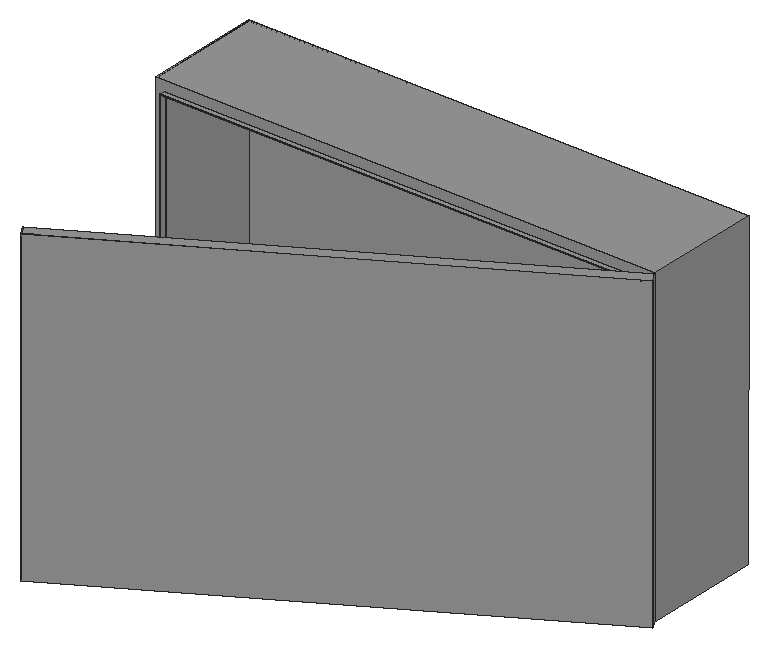
Revit family "Hager-Univers-IP44-D205-H500-Cl.II-Encl-NoHosted-NL-en", category Equipement électrique, Revit 2020
Family settings
  Configuration du panneau = Deux colonnes, circuits au sein
  Cote de connecteur circulaire = Utiliser le diamètre
  Type d'élément = Tableau de raccordement
  Basée sur le plan de construction = Oui
  Toujours verticalement = Oui
  Couper avec des vides une fois chargée = Non
  Partagée = Non
  Point de calcul de pièce = Non
Parameters (values of type "Surface mounted (plaster) IP44 W800 H500 D205  - FP33SN2")
  Width Control [instance] = if([EF000008 - Width] > Min Width, [EF000008 - Width], Min Width)  # 800 mm
  Commentaires du type = [HG000003 - Range]  # "Univers"
  Thickness Door [instance] = if([EF009171 - Material plate thickness door/cover] > 3 mm, 3 mm, [EF009171 - Material plate thickness door/cover])  # 1 mm
  Seal Frame Offset [instance] = 17 mm  # constant formula
  Plinth Visibility [instance] = [HG000027 - Plinth height] > 0 mm  # no
  Min Width [instance] = 100 mm  # constant formula
  Min Depth [instance] = (2 * [EF009170 - Material plate thickness cabinet]) + 1 mm  # 3 mm
  Min Height [instance] = 100 mm  # constant formula
  Internal Frame Depth [instance] = (Door System Depth * 0.5)  # 9 mm
  Panel Name [instance] = ""  # (empty or 0)
  Model = ""
  HG000027 - Plinth height = 0 mm
  HG000026 - Floor standing = no
  HG000024 - Bottom section height = 600 mm
  HG000023 - Double section enclosure = no
  HG000016 - Door 3d visibility [instance] = yes
  HG000015 - Clearance visibility [instance] = no
  HG000014 - Door on the right [instance] = yes
  HG000013 - Door on the left [instance] = not([HG000014 - Door on the right])  # no
  HG000012 - Door swing angle [instance] = 30.00°
  HG000010 - Asymmetric doors = no
  HG000009 - Double swing door = no
  HG000006 - Flush mounted = no
  HG000004 - Manufacturer reference = "FP33SN2"
  HG000003 - Range = "Univers"
  HG000002 - With door or cover = yes
  Frame Offset Bottom [instance] = 10 mm  # constant formula
  Frame Offset [instance] = 15 mm  # constant formula
  EF015940 - Cover with overpressure release = no
  EF011959 - Degree of protection (NEMA) = ""
  EF009554 - Number of openings for flange plates = 6
  EF009212 - Cover model = "EV000116 - Closed"
  EF009171 - Material plate thickness door/cover = 1 mm
  EF009170 - Material plate thickness cabinet = 1 mm
  EF008873 - Nominal current (In) = 250 A
  EF007800 - Suitable for lightning protection = no
  EF006306 - With lock = no
  EF006244 - Transparent cover/door = no
  EF005474 - Degree of protection (IP) = "EV006418 - IP44"
  EF004464 - Type of door = "EV002646 - Single"
  EF004427 - Number of modules = 108
  EF004293 - Impact strength = "EV006815 - IK09"
  EF003532 - Suitable for outdoor use = no
  EF002950 - Width in number of modular spacings = 36
  EF001613 - Circuit integrity = "EV000494 - None"
  EF001596 - Material housing = "EV000179 - Steel"
  EF001131 - Internal depth = 143 mm
  EF001088 - Extension possible = yes
  EF000437 - Number of conduit inlets = 6
  EF000339 - Type of cover = "EV001012 - Cover"
  EF000266 - Number of rows = 3
  EF000218 - Built-in depth = 205 mm
  EF000118 - With mounting plate = no
  EF000116 - RAL-number = "9010"
  EF000049 - Depth = 205 mm
  EF000040 - Height = 500 mm
  EF000008 - Width = 800 mm
  EF000007 - Colour = "EV000202 - White"
  EF000003 - Mounting method = "EV000384 - Surface mounted (plaster)"
  Door System Leaf Tolerance [instance] = 1.5 mm  # constant formula
  Door System Depth [instance] = 18 mm  # constant formula
  Door Height [instance] = Height Control - [HG000027 - Plinth height]  # 500 mm
  Description = ""
  Default Elevation = 1219.2 mm
  Connector Offset [instance] = Height Control / 2  # 250 mm
  Fabricant = "Hager"  # constant formula
  Height Control [instance] = if([EF000040 - Height] > Min Height, [EF000040 - Height], Min Height)  # 500 mm
  Depth Control [instance] = if([EF000049 - Depth] > Min Depth, [EF000049 - Depth], Min Depth)  # 205 mm
  Bottom Top Plate Trim [instance] = 1.5 mm  # constant formula
  Plinth height Ctrl [instance] = if([HG000027 - Plinth height] > 0 mm, [HG000027 - Plinth height], 12 mm)  # 12 mm
Types (7, lengths in mm): name | Width Control | HG000009 - Double swing door | HG000004 - Manufacturer reference | EF009554 - Number of openings for flange plates | EF004464 - Type of door | EF004427 - Number of modules | EF002950 - Width in number of modular spacings | EF000437 - Number of conduit inlets | EF000218 - Built-in depth | EF000008 - Width
  Surface mounted (plaster) IP44 W1050 H500 D205  - FP34QS | 1050 | yes | "FP34QS" | 8 | "EV003602 - Double" | 144 | 48 | 8 | 0 | 1050
  Surface mounted (plaster) IP44 W1300 H500 D205  - FP35QS | 1300 | yes | "FP35QS" | 10 | "EV003602 - Double" | 180 | 60 | 10 | 0 | 1300
  Surface mounted (plaster) IP44 W300 H500 D205  - FP31QS | 300 | no | "FP31QS" | 2 | "EV002646 - Single" | 36 | 12 | 2 | 0 | 300
  Surface mounted (plaster) IP44 W550 H500 D205  - FP32QS | 550 | no | "FP32QS" | 4 | "EV002646 - Single" | 72 | 24 | 4 | 0 | 550
  Surface mounted (plaster) IP44 W550 H500 D205  - FP32SN2 | 550 | no | "FP32SN2" | 4 | "EV002646 - Single" | 72 | 24 | 4 | 205 | 550
  Surface mounted (plaster) IP44 W800 H500 D205  - FP33QS | 800 | no | "FP33QS" | 6 | "EV002646 - Single" | 108 | 36 | 6 | 0 | 800
  Surface mounted (plaster) IP44 W800 H500 D205  - FP33SN2 | 800 | no | "FP33SN2" | 6 | "EV002646 - Single" | 108 | 36 | 6 | 205 | 800
Reference planes
  plane 1 "Center (Front/Back)": y = 0
  plane 2: z = 0
  plane 3 "Center (Left/Right)": x = 0
  plane 4: y = 0
  plane 5: y = 0
  plane 6: z = 0
  plane 7: x = -400
  plane 8: x = 400
  plane 9: x = 399
  plane 10: x = -399
  plane 11: z = 0
  plane 12: z = 1
  plane 13: y = -205
  plane 14: y = -1
  plane 15: x = 0
  plane 16: y = -187
  plane 17: y = -204
  plane 18: y = -186
  plane 19: x = -384
  plane 20: x = 384
  plane 21: z = 11
  plane 22: x = -383
  plane 23: x = 383
  plane 24: z = 0
  plane 25: z = 500
  plane 26: z = 500
  plane 27: z = 484
  plane 28: z = 499
Forms (mm)
  Extrusion 1, solid, material "Hager_Steel_RAL7035_Light_Grey", detail levels medium+fine
    sketch origin (-208.679, -4572, 0) x (-1, 0, 0) y (0, -1, 0)
      loop
        line (191.321, -4385) -> (-608.679, -4385) -> (-608.679, -4572) -> (191.321, -4572) -> (191.321, -4385)
    from 0 to 500
  Extrusion 2, void
    sketch origin (-350.771, -205, 1219.2) x (1, 0, 0) y (0, 0, 1)
      loop
        line (-48.229, -720.2) -> (-48.229, -1218.2) -> (749.771, -1218.2) -> (749.771, -720.2) -> (-48.229, -720.2)
    from -19 to -204
  Extrusion 3, void
    sketch origin (-290.084, -187, 1219.2) x (1, 0, 0) y (0, 0, 1)
      loop
        line (-93.916, -1208.2) -> (674.084, -1208.2) -> (674.084, -735.2) -> (-93.916, -735.2) -> (-93.916, -1208.2)
    from 0 to -1
  Extrusion 4, solid, material "Hager_Steel_RAL7035_Light_Grey", visible <- "Plinth Visibility", detail levels medium+fine
    sketch origin (0, 0, 0) x (1, 0, 0) y (0, 1, 0)
      loop
        line (-400, 0) -> (-400, -187) -> (400, -187) -> (400, 0) -> (-400, 0)
    from 0 to 12 <- "Plinth height Ctrl"
  Extrusion 5, solid, material "Hager_Steel_RAL7035_Light_Grey", detail levels coarse
    sketch origin (0, 0, 0) x (1, 0, 0) y (0, 1, 0)
      loop
        line (-400, 0) -> (-400, -205) -> (400, -205) -> (400, 0) -> (-400, 0)
    from 0 to 500 <- "Height Control"
  Sweep 6, void
    path in 3D
      loop
        line (-400, -187, 12) -> (400, -187, 12) -> (400, 0, 12) -> (-400, 0, 12) -> (-400, -187, 12)
    profile origin (-400, -93.5, 12) x (1, 0, 0) y (0, 0, 1)
      loop
        line (0, 0) -> (0, -1.5) -> (1.5, -1.5)
        arc (1.5, -1.5) -> (1.061, -0.439) -> (0, 0) r 1.5
  Extrusion 7, solid, material "Hager_Steel_RAL7035_Light_Grey", detail levels fine
    sketch origin (-400, -187, 0) x (1, 0, 0) y (0, 0, 1)
      loop
        line (16, 11) -> (784, 11) -> (784, 484) -> (16, 484) -> (16, 11)
      loop
        line (15, 10) -> (785, 10) -> (785, 485) -> (15, 485) -> (15, 10)
    from 0 to 9 <- "Internal Frame Depth"
Cuts and joins
  Extrusion 2, Extrusion 3 cuts Extrusion 1
  Sweep 6 cuts Extrusion 4
Lines and regions (mm)
  Masking region 1
    outline origin (0, 0, 0) x (1, 0, 0) y (0, 1, 0)
      loop
        line (-400, 0) -> (-400, -205) -> (400, -205) -> (400, 0) -> (-400, 0)
  Masking region 2, detail levels coarse
    outline origin (-290.084, -187, 1219.2) x (-1, 0, 0) y (0, 0, 1)
      loop
        line (-690.084, -1219.2) -> (109.916, -1219.2) -> (109.916, -719.2) -> (-690.084, -719.2) -> (-690.084, -1219.2)
  Masking region 3, detail levels coarse
    outline origin (0, 0, 0) x (0, 1, 0) y (0, 0, 1)
      loop
        line (0, 0) -> (0, 500) -> (-205, 500) -> (-205, 0) -> (0, 0)
  Masking region 4, visible <- "Plinth Visibility", detail levels medium+fine
    outline origin (0, 0, 0) x (0, 1, 0) y (0, 0, 1)
      loop
        line (-1.5, 12) -> (-185.5, 12)
        arc (-185.5, 12) -> (-185.939, 10.939) -> (-187, 10.5) r 1.5
        line (-187, 10.5) -> (-187, 0) -> (0, 0) -> (0, 10.5)
        arc (0, 10.5) -> (-1.061, 10.939) -> (-1.5, 12) r 1.5
  Masking region 5, detail levels medium+fine
    outline origin (0, 0, 594.038) x (0, 1, 0) y (0, 0, 1)
      loop
        line (0, -594.038) -> (0, -94.038) -> (-187, -94.038) -> (-187, -594.038) -> (0, -594.038)
  Masking region 6, detail levels medium+fine
    outline origin (-359.7, -187, 1211.883) x (-1, 0, 0) y (0, 0, 1)
      loop
        line (-759.7, -1211.883) -> (40.3, -1211.883) -> (40.3, -711.883) -> (-759.7, -711.883) -> (-759.7, -1211.883)
  Masking region 7, visible <- "Plinth Visibility", detail levels medium+fine
    outline origin (-320.334, -187, 1041.368) x (-1, 0, 0) y (0, 0, 1)
      loop
        line (-720.334, -1041.368) -> (79.666, -1041.368) -> (79.666, -1030.868)
        arc (79.666, -1030.868) -> (78.606, -1030.429) -> (78.166, -1029.368) r 1.5
        line (78.166, -1029.368) -> (-718.834, -1029.368)
        arc (-718.834, -1029.368) -> (-719.273, -1030.429) -> (-720.334, -1030.868) r 1.5
        line (-720.334, -1030.868) -> (-720.334, -1041.368)
  sketch lines
    curve 1: line (-400, 0, 12) -> (-400, -187, 12)
    curve 2: line (-400, -187, 12) -> (400, -187, 12)
    curve 3: line (400, 0, 12) -> (-400, 0, 12)
    curve 4: line (400, -187, 12) -> (400, 0, 12)
Dimensions and locks
  locked: plane 1 "Center (Front/Back)" to plane 5
  "EF009170 - Material plate thickness cabinet": plane 7 to plane 10
  "EF009170 - Material plate thickness cabinet": plane 8 to plane 9
  equal spacing: plane 7, plane 3 "Center (Left/Right)", plane 8
  "Width Control": plane 7 to plane 8
  "Depth Control": plane 4 to plane 13
  "EF009170 - Material plate thickness cabinet": plane 4 to plane 14
  "Height Control": plane 25 to level
  "HG000027 - Plinth height": plane 11 to level
  "EF009170 - Material plate thickness cabinet": plane 12 to plane 11
  "EF009170 - Material plate thickness cabinet": plane 17 to plane 13
  "EF009170 - Material plate thickness cabinet": plane 18 to plane 16
  "Frame Offset Bottom": plane 21 to plane 12
  "Frame Offset": plane 10 to plane 19
  "Frame Offset": plane 9 to plane 20
  "Door System Depth": plane 16 to plane 13
  "Seal Frame Offset": plane 7 to plane 22
  "Seal Frame Offset": plane 8 to plane 23
  "EF009170 - Material plate thickness cabinet": plane 26 to plane 28
  "Frame Offset": plane 28 to plane 27
  "Connector Offset": plane 2 to connector elem
  "Bottom Top Plate Trim": profile plane to Sweep 6 sketch curve
  "Bottom Top Plate Trim": Sweep 6 sketch curve to Sweep 6 sketch curve
  "Plinth height Ctrl": Masking region 4 sketch curve to level
  "Plinth height Ctrl": Masking region 7 sketch curve to level
  "Thickness Door": Extrusion 7 sketch curve to Extrusion 7 sketch curve  (x4)
  "Bottom Top Plate Trim": radius of Sweep 6 sketch curve
  "Bottom Top Plate Trim": radius of Masking region 4 sketch curve  (x2)
  "Bottom Top Plate Trim": radius of Masking region 7 sketch curve  (x2)
  aligned and locked: Extrusion 2 sketch curve to plane 12
  aligned and locked: Extrusion 2 sketch curve to plane 9
  aligned and locked: Extrusion 2 sketch curve to plane 10
  aligned and locked: Extrusion 2 to plane 14
  aligned and locked: Extrusion 1 sketch curve to plane 4
  aligned and locked: plane 8 to Extrusion 1 sketch curve
  aligned and locked: plane 7 to Extrusion 1 sketch curve
  aligned and locked: Extrusion 2 to plane 18
  aligned and locked: plane 19 to Extrusion 3 sketch curve
  aligned and locked: plane 20 to Extrusion 3 sketch curve
  aligned and locked: Extrusion 3 to Extrusion 2
  aligned and locked: Extrusion 3 sketch curve to plane 21
  aligned and locked: plane 3 "Center (Left/Right)" to nested 1
  aligned and locked: Extrusion 1 sketch curve to plane 16
  aligned and locked: Extrusion 4 sketch curve to cut or joined group of Extrusion 1, Extrusion 2, Extrusion 3
  aligned and locked: Masking region 1 sketch curve to plane 7
  aligned and locked: Masking region 1 sketch curve to plane 5
  aligned and locked: Masking region 1 sketch curve to plane 8
  aligned and locked: Masking region 2 sketch curve to level
  aligned and locked: level to Masking region 3 sketch curve
  aligned and locked: plane 1 "Center (Front/Back)" to Masking region 3 sketch curve
  aligned and locked: plane 13 to Masking region 3 sketch curve
  aligned and locked: plane 5 to Masking region 4 sketch curve
  aligned and locked: Masking region 2 sketch curve to plane 8
  aligned and locked: Masking region 2 sketch curve to plane 7
  aligned and locked: plane 7 to nested 2
  aligned and locked: nested 2 to plane 5
  aligned and locked: plane 5 to Masking region 5 sketch curve
  aligned and locked: plane 26 to Masking region 5 sketch curve
  aligned and locked: Extrusion 5 sketch curve to plane 8
  aligned and locked: Extrusion 5 sketch curve to plane 7
  aligned and locked: Extrusion 5 sketch curve to plane 5
  aligned and locked: Extrusion 3 sketch curve to plane 27
  aligned and locked: Extrusion 2 sketch curve to plane 28
  aligned and locked: Masking region 2 to plane 25
  aligned and locked: Extrusion 4 to plane 16
  aligned and locked: profile plane to Sweep 6 sketch curve
  aligned and locked: Masking region 5 sketch curve to plane 24
  aligned and locked: level to Masking region 4 sketch curve
  aligned and locked: Masking region 1 to plane 13
  aligned and locked: nested 1 to plane 16
  aligned and locked: Masking region 3 to plane 25
  aligned and locked: plane 16 to Masking region 4 sketch curve
  aligned and locked: Masking region 5 sketch curve to plane 16
  aligned and locked: plane 24 to plane 11
  aligned and locked: plane 26 to plane 25
  aligned and locked: plane 26 to cut or joined group of Extrusion 1, Extrusion 2, Extrusion 3
  aligned and locked: nested 1 to plane 24
  aligned and locked: Extrusion 1 to Extrusion 3
  aligned and locked: Masking region 6 sketch curve to plane 8
  aligned and locked: Masking region 6 sketch curve to plane 24
  aligned and locked: Masking region 6 sketch curve to plane 7
  aligned and locked: Masking region 6 sketch curve to plane 26
  aligned and locked: Masking region 7 sketch curve to plane 7
  aligned and locked: level to Masking region 7 sketch curve
  aligned and locked: Masking region 7 sketch curve to plane 8
  aligned and locked: Extrusion 7 sketch curve to cut or joined group of Extrusion 1, Extrusion 2, Extrusion 3  (x4)
Automatic sketch dimensions
  plane 19 to Extrusion 3 sketch curve = 0 mm
  Extrusion 3 sketch curve to plane 20 = 0 mm
  Extrusion 3 sketch curve to plane 21 = 0 mm
  Extrusion 4 sketch curve to plane 7 = 0 mm
  Extrusion 4 sketch curve to plane 8 = 0 mm
  Extrusion 4 sketch curve to plane 16 = 0 mm
  Masking region 1 sketch curve to plane 13 = 0 mm
  Masking region 2 sketch curve to plane 25 = 0 mm
  Masking region 3 sketch curve to plane 25 = 0 mm
  Extrusion 5 sketch curve to plane 13 = 0 mm
  profile plane to Sweep 6 sketch curve = 0 mm
Nested families
  nested 1: "EC000058_Univers_Door" at (0, -187, 0), Double <- "HG000009 - Double swing door", Transparent <- "EF006244 - Transparent cover/door", Angle <- "HG000012 - Door swing angle", Door_Right <- "HG000014 - Door on the right", Assymetrical <- "HG000010 - Asymmetric doors", Door <- "HG000002 - With door or cover", Width_Ctrl <- "Width Control", 3d_Door <- "HG000016 - Door 3d visibility", Clearance <- "HG000015 - Clearance visibility", Door_Left <- "HG000013 - Door on the left", Width <- "Width Control", Door_Depth <- "Door System Depth", Leaf_Tolerance <- "Door System Leaf Tolerance", Height <- "Door Height", Lock_Visibility <- "EF006306 - With lock", Thickness <- "Thickness Door", type "EC000058_Univers_Door", detail levels medium+fine
    with min_wh 3 mm, Width_Ctrl 800 mm, Width 800 mm, Transparent no, Thickness 1 mm, Seal_Material Hager_Rubber, Lock_Visibility no, Lock_Material Hager_Plastic_RAL9005_Jet_Black, Leaf_Width 800 mm, Leaf_Tolerance_External_Sides 0 mm, Leaf_Tolerance 1.5 mm, Leaf_Offset 0 mm, Leaf_Height 497 mm, Leaf_2_Width 800 mm, Leaf_2_Offset 400 mm, Leaf_1_Width 800 mm, Leaf_1_Offset 400 mm, Height_Ctrl 500 mm, Height 500 mm, Glass_Material Hager_Glass, Double_Clearance_Ctrl no, Double no, Door_Right_Ctrl yes, Door_Right yes, Door_Material Hager_Steel_RAL7035_Light_Grey, Door_Left_Ctrl no, Door_Left no, Door_Depth 18 mm, Door yes, Clearance_Material Hager_Clearance, Clearance_Depth 800 mm, Clearance_Ctrl no, Clearance no, Assymetrical no, Angle 30.00°, 3d_Door yes
  nested 2: "Hager_Enclosure_Symbol" at (-400, 0, 0), Height <- "Depth Control", Width <- "Width Control", type "Hager_Enclosure_Symbol"
    with Width_Ctrl 800 mm, Width 800 mm, Height_Ctrl 205 mm, Height 205 mm, A_Width_Int 13.453 mm, A_Width 161.438 mm, A_Height_Ctrl 179.375 mm, A_Height 179.375 mm
Connectors
  electrical at (0, 0, 250)
    settings: on plane 1 "Center (Front/Back)", index 1, voltage 0 V, apparent load 0 VA, apparent load phase1 0 VA, apparent load phase2 0 VA, apparent load phase3 0 VA, power factor 1, load classification "Other", number of poles 1, system type 30, power factor state 1, is connector primary yes, connector utility no, sub classification motor no, connector description ""
Definition of nested family "EC000058_Univers_Door"
  Parameters (values of type "EC000058_Univers_Door")
    min_wh [instance] = (2 * Thickness) + 1 mm  # 11 mm
    Width_Ctrl [instance] = 400 mm
    Width [instance] = 500 mm
    Transparent [instance] = yes
    Thickness [instance] = 5 mm
    Seal_Material [instance] = none
    Lock_Visibility [instance] = yes
    Lock_Material [instance] = none
    Leaf_Width [instance] = if((Width_Ctrl - 2 * Leaf_Tolerance_External_Sides) > 0 mm, (Width_Ctrl - 2 * Leaf_Tolerance_External_Sides), min_wh)  # 400 mm
    Leaf_Tolerance_External_Sides [instance] = 0 mm  # constant formula
    Leaf_Tolerance [instance] = 1.5 mm
    Leaf_Offset [instance] = 0 mm  # constant formula
    Leaf_Height [instance] = if((Height_Ctrl - 2 * Leaf_Tolerance) > 0 mm, (Height_Ctrl - 2 * Leaf_Tolerance), min_wh)  # 497 mm
    Leaf_2_Width [instance] = if(and(and(Double, Assymetrical), Door_Left), (Leaf_Width / 3) - (Leaf_Tolerance / 2), if(and(and(Double, Assymetrical), Door_Right), (Leaf_Width / 3) * 2 - (Leaf_Tolerance / 2), if(and(Double, not(Assymetrical)), (Leaf_Width / 2) - Leaf_Tolerance, Leaf_Width)))  # 400 mm
    Leaf_2_Offset [instance] = if(and(Double, Assymetrical), Leaf_2_Width / 2, if(and(Double, not(Assymetrical)), Leaf_Width / 4, Leaf_Width / 2))  # 200 mm
    Leaf_1_Width [instance] = if(and(and(Double, Assymetrical), Door_Right), (Leaf_Width / 3) - (Leaf_Tolerance / 2), if(and(and(Double, Assymetrical), Door_Left), (Width / 3) * 2 - (Leaf_Tolerance / 2), if(and(Double, not(Assymetrical)), (Leaf_Width / 2) - Leaf_Tolerance, Leaf_Width)))  # 400 mm
    Leaf_1_Offset [instance] = if(and(Double, Assymetrical), Leaf_1_Width / 2, if(and(Double, not(Assymetrical)), Leaf_Width / 4, Leaf_Width / 2))  # 200 mm
    Height_Ctrl [instance] = if(Height > min_wh, Height, min_wh)  # 500 mm
    Height [instance] = 500 mm
    Glass_Material [instance] = none
    Double_Clearance_Ctrl [instance] = and(Double, Clearance)  # no
    Double [instance] = no
    Door_Right_Ctrl [instance] = and(or(Door_Right, Double), Door)  # yes
    Door_Right [instance] = yes
    Door_Material [instance] = none
    Door_Left_Ctrl [instance] = and(or(Door_Left, Double), Door)  # no
    Door_Left [instance] = no
    Door_Depth [instance] = 30 mm
    Door [instance] = yes
    Default Elevation = 1219.2 mm
    Clearance_Material [instance] = none
    Clearance_Depth [instance] = if(Leaf_1_Width > Leaf_2_Width, Leaf_1_Width, Leaf_2_Width)  # 400 mm
    Clearance_Ctrl [instance] = and(not(Double), Clearance)  # yes
    Clearance [instance] = yes
    Assymetrical [instance] = yes
    Angle [instance] = 30.00°
    3d_Door [instance] = yes
  Reference planes
    plane 1 "Center (Front/Back)": y = 0
    plane 2 "Bottom": z = 0
    plane 3 "Center (Left/Right)": x = 0
    plane 4: z = 500
    plane 5: x = -200
    plane 6: x = 200
    plane 7: z = 500
    plane 8: x = -200
    plane 9: z = 0
    plane 10: x = 200
    plane 11: y = 0
    plane 12: z = 1.5
    plane 13: x = -600
    plane 14: y = -400
    plane 15: x = 600
    plane 16: x = 0
    plane 17: x = 0
    plane 18: x = -200
    plane 19: x = 200
    plane 20: z = 498.5
  Forms (mm)
    Extrusion 1, solid, material <- "Clearance_Material", visible <- "Double_Clearance_Ctrl"
      sketch origin (1200, 0, 0) x (1, 0, 0) y (0, 0, -1)
        loop
          line (-1800, -498.5) -> (-600, -498.5) -> (-600, 0) -> (-1800, 0) -> (-1800, -498.5)
      from 0 to -400
  Dimensions and locks
    equal spacing: plane 5, plane 3 "Center (Left/Right)", plane 6
    "Width_Ctrl": plane 5 to plane 6
    "Leaf_Offset": plane 5 to plane 8
    "Leaf_Offset": plane 6 to plane 10
    "Leaf_Offset": plane 9 to level
    "Leaf_Offset": plane 4 to plane 7
    "Height_Ctrl": plane 4 to level
    "Leaf_Tolerance": plane 12 to plane 9
    locked: plane 11 to plane 1 "Center (Front/Back)"
    "Leaf_1_Offset": plane 18 to plane 16
    "Leaf_2_Offset": plane 17 to plane 19
    "Leaf_1_Width": plane 13 to plane 8
    "Leaf_2_Width": plane 10 to plane 15
    "Clearance_Depth": plane 14 to plane 1 "Center (Front/Back)"
    "Leaf_Tolerance_External_Sides": plane 8 to plane 18
    "Leaf_Tolerance_External_Sides": plane 19 to plane 10
    "Leaf_Tolerance": plane 7 to plane 20
    aligned and locked: level to plane 2 "Bottom"
    aligned and locked: nested 1 to plane 16
    aligned and locked: nested 2 to plane 17
    aligned and locked: Extrusion 1 to plane 13
    aligned and locked: plane 15 to Extrusion 1
    aligned and locked: Extrusion 1 to plane 14
    aligned and locked: plane 12 to nested 1
    aligned and locked: nested 2 to plane 12
    aligned and locked: Extrusion 1 to plane 11
    aligned and locked: plane 20 to Extrusion 1
    aligned and locked: nested 2 to plane 11
    aligned and locked: nested 1 to plane 11
  Automatic sketch dimensions
    Extrusion 1 sketch curve to level = 0 mm
    plane 5 to Extrusion 1 sketch curve = 400 mm
    plane 6 to Extrusion 1 sketch curve = 400 mm
    Extrusion 1 sketch curve to plane 4 = 1.5 mm
  Nested families
    nested 1: "EC000058_Univers_Door_Leaf" at (0, 0, 1.5), Width <- "Leaf_1_Width", visible <- "Door_Left_Ctrl", Leaf_Height <- "Leaf_Height", Angle <- "Angle", 3d_Door <- "3d_Door", Transparent <- "Transparent", Clearance Material <- "Clearance_Material", Clearance <- "Clearance_Ctrl", Door_Material <- "Door_Material", Glass_Material <- "Glass_Material", Door_Depth <- "Door_Depth", Lock_Material <- "Lock_Material", Seal_Material <- "Seal_Material", Lock_Visibility <- "Lock_Visibility", Thickness <- "Thickness", type "EC000058_Univers_Door_Leaf"
      with Width 400 mm, Transparent_Glass_Offset 30 mm, Transparent_Ctrl yes, Transparent yes, Thickness 5 mm, Standard no, Seal_Material none, Seal_D2 8 mm, Seal_D1 1 mm, Offset_Internal_Frame 10 mm, Lock_Width 20 mm, Lock_Visibility_3d yes, Lock_Visibility yes, Lock_Thickness_3 3 mm, Lock_Thickness_2 1 mm, Lock_Thickness_1 3 mm, Lock_Radius_Offset_2 16 mm, Lock_Radius_Offset_1 15 mm, Lock_Radius_2 5 mm, Lock_Radius 6 mm, Lock_Offset 5 mm, Lock_Material none, Lock_Height 80 mm, Lock_Cover_Top_Offset_2d 17 mm, Lock_Cover_Height -65 mm, Leaf_Height 497 mm, Internal_Seal_Thickness 8 mm, Internal_Seal_Depth_2 4.5 mm, Internal_Frame_Depth 25 mm, Glass_Thickness -1 mm, Glass_Offset -2 mm, Glass_Material none, Door_Material none, Door_Depth 30 mm, Clearance Material none, Clearance yes, Angle_Ctrl 30.00°, Angle 30.00°, 3d_Door yes
    nested 2: "EC000058_Univers_Door_Leaf" at (0, 0, 1.5) x (-1, 0, 0) z (0, 0, 1), Width <- "Leaf_2_Width", visible <- "Door_Right_Ctrl", Leaf_Height <- "Leaf_Height", Angle <- "Angle", 3d_Door <- "3d_Door", Transparent <- "Transparent", Clearance Material <- "Clearance_Material", Clearance <- "Clearance_Ctrl", Door_Material <- "Door_Material", Glass_Material <- "Glass_Material", Door_Depth <- "Door_Depth", Lock_Material <- "Lock_Material", Seal_Material <- "Seal_Material", Lock_Visibility <- "Lock_Visibility", Thickness <- "Thickness", type "EC000058_Univers_Door_Leaf"
      with Width 400 mm, Transparent_Glass_Offset 30 mm, Transparent_Ctrl yes, Transparent yes, Thickness 5 mm, Standard no, Seal_Material none, Seal_D2 8 mm, Seal_D1 1 mm, Offset_Internal_Frame 10 mm, Lock_Width 20 mm, Lock_Visibility_3d yes, Lock_Visibility yes, Lock_Thickness_3 3 mm, Lock_Thickness_2 1 mm, Lock_Thickness_1 3 mm, Lock_Radius_Offset_2 16 mm, Lock_Radius_Offset_1 15 mm, Lock_Radius_2 5 mm, Lock_Radius 6 mm, Lock_Offset 5 mm, Lock_Material none, Lock_Height 80 mm, Lock_Cover_Top_Offset_2d 17 mm, Lock_Cover_Height -65 mm, Leaf_Height 497 mm, Internal_Seal_Thickness 8 mm, Internal_Seal_Depth_2 4.5 mm, Internal_Frame_Depth 25 mm, Glass_Thickness -1 mm, Glass_Offset -2 mm, Glass_Material none, Door_Material none, Door_Depth 30 mm, Clearance Material none, Clearance yes, Angle_Ctrl 30.00°, Angle 30.00°, 3d_Door yes
  Definition of nested family "EC000058_Univers_Door_Leaf"
    Parameters (values of type "EC000058_Univers_Door_Leaf")
      Width [instance] = 2000 mm
      Transparent_Glass_Offset [instance] = 30 mm
      Transparent_Ctrl [instance] = and(Transparent, [3d_Door])  # yes
      Transparent [instance] = yes
      Thickness [instance] = 5 mm
      Standard [instance] = and(not(Transparent), [3d_Door])  # no
      Seal_Material [instance] = none
      Seal_D2 [instance] = 8 mm  # constant formula
      Seal_D1 [instance] = 1 mm  # constant formula
      Offset_Internal_Frame [instance] = 10 mm  # constant formula
      Lock_Width [instance] = 20 mm  # constant formula
      Lock_Visibility_3d [instance] = and(Lock_Visibility, [3d_Door])  # yes
      Lock_Visibility [instance] = yes
      Lock_Thickness_3 [instance] = 3 mm  # constant formula
      Lock_Thickness_2 [instance] = 1 mm  # constant formula
      Lock_Thickness_1 [instance] = 3 mm  # constant formula
      Lock_Radius_Offset_2 [instance] = Lock_Radius_Offset_1 + 1 mm  # 16 mm
      Lock_Radius_Offset_1 [instance] = 15 mm  # constant formula
      Lock_Radius_2 [instance] = Lock_Radius - 1 mm  # 5 mm
      Lock_Radius [instance] = 6 mm  # constant formula
      Lock_Offset [instance] = 5 mm  # constant formula
      Lock_Material [instance] = none
      Lock_Height [instance] = 80 mm  # constant formula
      Lock_Cover_Top_Offset_2d [instance] = Lock_Radius_Offset_2 + 1 mm  # 17 mm
      Lock_Cover_Height [instance] = -(Lock_Height - Lock_Radius_Offset_1)  # -65 mm
      Leaf_Height [instance] = 2720.336 mm
      Internal_Seal_Thickness [instance] = 8 mm  # constant formula
      Internal_Seal_Depth_2 [instance] = 4.5 mm  # constant formula
      Internal_Frame_Depth [instance] = if(Door_Depth - Thickness > 5 mm, Door_Depth - Thickness, 5 mm)  # 25 mm
      Glass_Thickness [instance] = if(Thickness > 15 mm, Glass_Offset + 10 mm, -1 mm)  # -1 mm
      Glass_Offset [instance] = if(Thickness > 15 mm, -(Thickness + 10 mm) / 2, -2 mm)  # -2 mm
      Glass_Material [instance] = none
      Door_Material [instance] = none
      Door_Depth [instance] = 30 mm
      Default Elevation = 0 mm
      Clearance Material [instance] = none
      Clearance [instance] = yes
      Angle_Ctrl [instance] = if(Angle > 180.00°, 180.00°, Angle)  # 90.00°
      Angle [instance] = 90.00°
      3d_Door [instance] = yes
    Reference planes
      plane 1 "Center (Front/Back)": y = 0
      plane 2: z = 0
      plane 3 "Center (Left/Right)": x = 0
      plane 4: y = 2000
      plane 5: x = -1000
      plane 6: x = 1000
      plane 7: x = -3000
      plane 8: z = 2720.336
      plane 9: z = 30
      plane 10: z = 2690.336
      plane 11: x = 970
      plane 12: x = -970
      plane 13: y = -3
      plane 14: z = 107.833
      plane 15: y = -5
      plane 16: y = -223.314
      plane 17: x = -1000
      plane 18: z = 1360.168
      plane 19: y = 30
    Forms (mm)
      Extrusion 1, solid, material <- "Clearance Material", visible <- "Clearance"
        sketch origin (0, 0, 0) x (1, 0, 0) y (0, 0, 1)
          loop
            line (-3000, 2720.336) -> (-3000, 0) -> (1000, 0) -> (1000, 2720.336) -> (-3000, 2720.336)
        from 0 to -2000
      Extrusion 2, solid, material <- "Door_Material", visible <- "Standard", detail levels medium+fine
        sketch origin (-1000, 0, 0) x (0, 1, 0) y (-1, 0, 0)
          loop
            line (0, 30) -> (0, 25) -> (2000, 25) -> (2000, 30) -> (0, 30)
        from 0 to 2720.336 <- "Leaf_Height"
      Extrusion 3, solid, material <- "Door_Material", visible <- "Transparent_Ctrl", detail levels medium+fine
        sketch origin (-1000, 0, 0) x (0, 1, 0) y (-1, 0, 0)
          loop
            line (0, 25) -> (2000, 25) -> (2000, 30) -> (0, 30) -> (0, 25)
        from 0 to 2720.336 <- "Leaf_Height"
      Extrusion 4, void
        sketch origin (-1025, 2000, 0) x (0, 1, 0) y (0, 0, -1)
          loop
            line (-30, -2690.336) -> (-30, -30) -> (-1970, -30) -> (-1970, -2690.336) -> (-30, -2690.336)
        from 0 to 5 <- "Thickness"
      Sweep 5, solid, material <- "Seal_Material", visible <- "Transparent_Ctrl", detail levels fine
        path in 3D
          loop
            line (-1025, 30, 30) -> (-1025, 30, 2690.336) -> (-1025, 1970, 2690.336) -> (-1025, 1970, 30) -> (-1025, 30, 30)
        profile origin (-1025, 1000, 30) x (1, 0, 0) y (0, 0, 1)
          loop
            line (0, 0) -> (0, -8) -> (1, -8) -> (1, 0) -> (0, 0)
      Extrusion 6, solid, material <- "Glass_Material", visible <- "Transparent_Ctrl", detail levels medium+fine
        sketch origin (-1030, 0, 0) x (0, 1, 0) y (0, 0, -1)
          loop
            line (1970, -2690.336) -> (1970, -30) -> (30, -30) -> (30, -2690.336) -> (1970, -2690.336)
        from -2 <- "Glass_Offset" to -1 <- "Glass_Thickness"
      Extrusion 7, solid, material <- "Door_Material", visible <- "3d_Door", detail levels medium+fine
        sketch origin (-1025, 2000, 0) x (0, -1, 0) y (0, 0, -1)
          loop
            line (0, -2720.336) -> (2000, -2720.336) -> (2000, 0) -> (0, 0) -> (0, -2720.336)
          loop
            line (1995, -5) -> (5, -5) -> (5, -2715.336) -> (1995, -2715.336) -> (1995, -5)
        from 0 to 25 <- "Internal_Frame_Depth"
      Sweep 8, solid, material <- "Seal_Material", visible <- "Transparent_Ctrl", detail levels fine
        path in 3D
          loop
            line (-1025, 0, 0) -> (-1025, 2000, 0) -> (-1025, 2000, 2720.336) -> (-1025, 0, 2720.336) -> (-1025, 0, 0)
        profile origin (-1025, 0, 1360.168) x (1, 0, 0) y (0, 1, 0)
          loop
            line (0, 10) -> (2.975, 10)
            arc (2.975, 10) -> (4.053, 10.447) -> (4.5, 11.525) r 1.525
            line (4.5, 11.525) -> (4.5, 16.527)
            arc (4.5, 16.527) -> (4.069, 17.569) -> (3.027, 18) r 1.473
            line (3.027, 18) -> (0, 18) -> (0, 10)
      Extrusion 9, solid, material <- "Lock_Material", visible <- "Lock_Visibility_3d", detail levels fine
        sketch origin (-1030, 0, 0) x (0, 1, 0) y (0, 0, -1)
          loop
            arc (1993.5, -1400.168) -> (1994.561, -1399.729) -> (1995, -1398.668) r 1.5
            line (1995, -1398.668) -> (1995, -1320.168) -> (1975, -1320.168) -> (1975, -1398.668)
            arc (1975, -1398.668) -> (1975.439, -1399.729) -> (1976.5, -1400.168) r 1.5
            line (1976.5, -1400.168) -> (1993.5, -1400.168)
        from 3 <- "Lock_Thickness_1" to 0
      Blend 10, solid, material <- "Lock_Material", visible <- "Lock_Visibility_3d", detail levels fine
        base sketch origin (-1033, 0, 0) x (0, 1, 0) y (0, 0, -1)
          loop
            line (1975, -1320.168) -> (1975, -1398.668)
            arc (1975, -1398.668) -> (1975.439, -1399.729) -> (1976.5, -1400.168) r 1.5
            line (1976.5, -1400.168) -> (1993.5, -1400.168)
            arc (1993.5, -1400.168) -> (1994.561, -1399.729) -> (1995, -1398.668) r 1.5
            line (1995, -1398.668) -> (1995, -1320.168) -> (1975, -1320.168)
        top sketch origin (-1033, 0, 0) x (0, 1, 0) y (0, 0, -1)
          loop
            line (1976, -1320.168) -> (1976, -1398.668)
            arc (1976, -1398.668) -> (1976.146, -1399.022) -> (1976.5, -1399.168) r 0.5
            line (1976.5, -1399.168) -> (1993.5, -1399.168)
            arc (1993.5, -1399.168) -> (1993.854, -1399.022) -> (1994, -1398.668) r 0.5
            line (1994, -1398.668) -> (1994, -1320.168) -> (1976, -1320.168)
        from 0 to 1 <- "Lock_Thickness_2"
      Blend 11, solid, material <- "Lock_Material", visible <- "Lock_Visibility_3d", detail levels fine
        base sketch origin (-1034, 0, 0) x (0, 1, 0) y (0, 0, -1)
          loop
            line (1978, -1320.168) -> (1978, -1384.168)
            arc (1978, -1384.168) -> (1985, -1391.168) -> (1992, -1384.168) r 7
            line (1992, -1384.168) -> (1992, -1320.168) -> (1978, -1320.168)
        top sketch origin (-1034, 0, 0) x (0, 1, 0) y (0, 0, -1)
          loop
            line (1991, -1320.168) -> (1979, -1320.168) -> (1979, -1383.168)
            arc (1979, -1383.168) -> (1985, -1389.168) -> (1991, -1383.168) r 6
            line (1991, -1383.168) -> (1991, -1320.168)
        from 0 to 3 <- "Lock_Thickness_3"
      Extrusion 12, solid, material <- "Lock_Material", visible <- "Lock_Visibility_3d", detail levels fine
        sketch origin (-1030, 1975, 1320.168) x (1, 0, 0) y (0, -1, 0)
          loop
            line (-7, -19) -> (-7, -1) -> (0, -1) -> (0, 0) -> (-8, 0) -> (-8, -20) -> (0, -20) -> (0, -19) -> (-7, -19)
        from 0 to -65 <- "Lock_Cover_Height"
      Extrusion 13, void
        sketch origin (-1038, 1995, 1320.168) x (-1, 0, 0) y (0, 0, -1)
          loop
            line (-5, -65) -> (0, -65) -> (-5, -60) -> (-5, -65)
        from 0 to 20 <- "Lock_Width"
      Extrusion 14, void
        sketch origin (-1038, 1975, 1320.168) x (0, -1, 0) y (0, 0, -1)
          loop
            circle (-10, -15.995) r 6
          loop
            circle (-10, -15.995) r 5
        from 0 to 2
      Extrusion 15, solid, material <- "Lock_Material", visible <- "Lock_Visibility_3d", detail levels medium
        sketch origin (-1030, 0, 0) x (0, 1, 0) y (0, 0, -1)
          loop
            arc (1993.5, -1400.168) -> (1994.561, -1399.729) -> (1995, -1398.668) r 1.5
            line (1995, -1398.668) -> (1995, -1320.168) -> (1975, -1320.168) -> (1975, -1398.668)
            arc (1975, -1398.668) -> (1975.439, -1399.729) -> (1976.5, -1400.168) r 1.5
            line (1976.5, -1400.168) -> (1993.5, -1400.168)
        from 8 to 0
    Cuts and joins
      Extrusion 4 cuts Extrusion 3
      Extrusion 13, Extrusion 14 cuts Extrusion 9
      Extrusion 14 cuts Blend 11
      Extrusion 13, Extrusion 14 cuts Extrusion 12
      joined: Extrusion 9, Blend 10, Blend 11, Extrusion 12
      Extrusion 14 cuts Extrusion 15
    Lines and regions (mm)
      Masking region 1, visible <- "Lock_Visibility", detail levels fine
        outline origin (0, 0, 0) x (0, 1, 0) y (0, 0, 1)
          loop
            line (30, 1320.168) -> (33, 1320.168) -> (33, 1400.168) -> (30, 1400.168) -> (30, 1320.168)
      Masking region 2, visible <- "Lock_Visibility", detail levels fine
        outline origin (0, 3.143, 0) x (0, 1, 0) y (0, 0, 1)
          loop
            line (29.857, 1354.168) -> (30.857, 1354.168) -> (30.857, 1366.168) -> (29.857, 1366.168) -> (29.857, 1354.168)
      Masking region 3, detail levels medium+fine
        outline origin (0, 0, 0) x (0, 1, 0) y (0, 0, 1)
          loop
            line (0, 0) -> (30, 0) -> (30, 2720.336) -> (0, 2720.336) -> (0, 0)
      Masking region 4, detail levels medium+fine
        outline origin (0, 0, 0) x (1, 0, 0) y (0, 0, 1)
          loop
            line (-1000, 2720.336) -> (-1000, 0) -> (1000, 0) -> (1000, 2720.336) -> (-1000, 2720.336)
      Masking region 5, visible <- "Lock_Visibility", detail levels fine
        outline origin (-47.116, 0, 0) x (1, 0, 0) y (0, 0, 1)
          loop
            arc (1024.616, 1399.168) -> (1023.556, 1398.729) -> (1023.116, 1397.668) r 1.5
            line (1023.116, 1397.668) -> (1023.116, 1320.168) -> (1041.116, 1320.168) -> (1041.116, 1397.668)
            arc (1041.116, 1397.668) -> (1040.677, 1398.729) -> (1039.616, 1399.168) r 1.5
            line (1039.616, 1399.168) -> (1024.616, 1399.168)
      Masking region 6, visible <- "Lock_Visibility", detail levels medium+fine
        outline origin (-25, 0, 0) x (1, 0, 0) y (0, 0, 1)
          loop
            arc (1001.5, 1400.168) -> (1000.439, 1399.729) -> (1000, 1398.668) r 1.5
            line (1000, 1398.668) -> (1000, 1320.168) -> (1020, 1320.168) -> (1020, 1398.668)
            arc (1020, 1398.668) -> (1019.561, 1399.729) -> (1018.5, 1400.168) r 1.5
            line (1018.5, 1400.168) -> (1001.5, 1400.168)
      Masking region 7, visible <- "Lock_Visibility", detail levels fine
        outline origin (-73.735, 0, 0) x (1, 0, 0) y (0, 0, 1)
          loop
            line (1051.735, 1382.168) -> (1065.735, 1382.168) -> (1065.735, 1384.168)
            arc (1065.735, 1384.168) -> (1058.735, 1391.168) -> (1051.735, 1384.168) r 7
            line (1051.735, 1384.168) -> (1051.735, 1382.168)
      Masking region 8, visible <- "Lock_Visibility", detail levels fine
        outline origin (-73.735, 0, 0) x (1, 0, 0) y (0, 0, 1)
          loop
            line (1052.735, 1382.168) -> (1064.735, 1382.168) -> (1064.735, 1383.168)
            arc (1064.735, 1383.168) -> (1058.735, 1389.168) -> (1052.735, 1383.168) r 6
            line (1052.735, 1383.168) -> (1052.735, 1382.168)
      Masking region 9, visible <- "Lock_Visibility", detail levels fine
        outline origin (-25, 0, 0) x (1, 0, 0) y (0, 0, 1)
          loop
            line (1020, 1320.168) -> (1020, 1382.168) -> (1000, 1382.168) -> (1000, 1320.168) -> (1020, 1320.168)
      Masking region 10, detail levels medium+fine
        outline origin (0, 0, 0) x (1, 0, 0) y (0, 0, 1)
          loop
            circle (985, 1335.144) r 6
      Masking region 11, detail levels fine
        outline origin (0, 0, 0) x (1, 0, 0) y (0, 0, 1)
          loop
            circle (985, 1335.144) r 5
      Masking region 12, visible <- "Lock_Visibility", detail levels fine
        outline origin (0, 12.767, 0) x (0, 1, 0) y (0, 0, 1)
          loop
            line (20.233, 1320.168) -> (21.233, 1320.168) -> (21.233, 1399.168) -> (20.233, 1400.168) -> (20.233, 1320.168)
      Masking region 13, visible <- "Lock_Visibility", detail levels fine
        outline origin (0, 13.767, -10) x (0, 1, 0) y (0, 0, 1)
          loop
            line (20.233, 1330.168) -> (23.233, 1330.168) -> (23.233, 1399.168) -> (20.233, 1402.168) -> (20.233, 1330.168)
      Masking region 14, visible <- "Lock_Visibility", detail levels fine
        outline origin (0, 12.767, -10) x (0, 1, 0) y (0, 0, 1)
          loop
            line (20.233, 1330.168) -> (25.233, 1330.168) -> (25.233, 1399.305) -> (20.233, 1394.305) -> (20.233, 1330.168)
      Masking region 15, visible <- "Lock_Visibility", detail levels medium
        outline origin (0, 0, 0) x (0, 1, 0) y (0, 0, 1)
          loop
            line (30, 1320.168) -> (38, 1320.168) -> (38, 1400.168) -> (30, 1400.168) -> (30, 1320.168)
      Masking region 16, visible <- "Lock_Visibility", detail levels fine
        outline origin (-1000, 0, 0) x (0, 1, 0) y (-1, 0, 0)
          loop
            line (1975, 30) -> (1995, 30) -> (1995, 38) -> (1975, 38) -> (1975, 30)
          loop
            line (1979, 37) -> (1976, 37) -> (1976, 34) -> (1978, 34) -> (1979, 37)
          loop
            line (1994, 37) -> (1991, 37) -> (1992, 34) -> (1994, 34) -> (1994, 37)
      Masking region 17, visible <- "Lock_Visibility", detail levels medium
        outline origin (-1000, 0, 0) x (0, 1, 0) y (-1, 0, 0)
          loop
            line (1975, 30) -> (1995, 30) -> (1995, 38) -> (1975, 38) -> (1975, 30)
      symbolic lines
        curve 1: line (1000, 0, 0) -> (-3000, 0, 0)
        curve 2: arc (1000, 0, 0) -> (-1000, 2000, 0) -> (-3000, 0, 0) r 2000
        curve 4: line (-1030, 0, 0) -> (-1030, 2000, 0)
      reference lines
        curve 3: line (-1000, 0, 0) -> (-1000, 2000, 0)
      symbolic lines, detail levels medium+fine
        curve 5: line (-1030, 2000, 0) -> (-1025, 2000, 0)
        curve 7: line (-1025, 0, 0) -> (-1030, 0, 0)
        curve 8: line (-1025, 0, 0) -> (-1000, 0, 0)
        curve 9: line (-1000, 0, 0) -> (-1000, 2000, 0)
        curve 10: line (-1000, 2000, 0) -> (-1025, 2000, 0)
      symbolic lines, detail levels fine
        curve 6: line (-1025, 2000, 0) -> (-1025, 0, 0)
      sketch lines
        curve 11: line (-1025, 0, 2720.336) -> (-1025, 0, 0)
        curve 12: line (-1025, 2000, 0) -> (-1025, 0, 0)
        curve 13: line (-1025, 2000, 2720.336) -> (-1025, 2000, 0)
        curve 14: line (-1025, 0, 2720.336) -> (-1025, 2000, 2720.336)
        curve 15: line (-1025, 1970, 30) -> (-1025, 30, 30)
        curve 16: line (-1025, 30, 30) -> (-1025, 30, 2690.336)
        curve 17: line (-1025, 1970, 2690.336) -> (-1025, 1970, 30)
        curve 18: line (-1025, 30, 2690.336) -> (-1025, 1970, 2690.336)
      symbolic lines, visible <- "Transparent", detail levels medium+fine
        curve 19: line (-970, 0, 2690.336) -> (970, 0, 2690.336)
        curve 20: line (-970, 0, 30) -> (-970, 0, 2690.336)
        curve 21: line (970, 0, 30) -> (-970, 0, 30)
        curve 22: line (970, 0, 2690.336) -> (970, 0, 30)
    Dimensions and locks
      "Width": plane 1 "Center (Front/Back)" to plane 4
      equal spacing: plane 5, plane 3 "Center (Left/Right)", plane 6
      "Width": plane 5 to plane 6
      "Width": plane 7 to plane 5
      "Leaf_Height": plane 8 to level
      "Width": curve 5 to curve 3
      "Width": curve 3 to curve 3
      plane 8 to plane 10 = 30 mm
      plane 9 to level = 30 mm
      plane 12 to plane 5 = 30 mm
      plane 6 to plane 11 = 30 mm
      Extrusion 1 to Extrusion 4 sketch curve = 30 mm
      "Transparent_Glass_Offset": curve 3 to Extrusion 4 sketch curve
      "Transparent_Glass_Offset": Extrusion 4 sketch curve to cut or joined group of Extrusion 3, Extrusion 4  (x2)
      cut or joined group of Extrusion 3, Extrusion 4 to Extrusion 6 sketch curve = 30 mm
      "Transparent_Glass_Offset": cut or joined group of Extrusion 3, Extrusion 4 to Extrusion 4 sketch curve
      "Thickness": curve 6 to curve 4
      "Thickness": Extrusion 7 sketch curve to Extrusion 7 sketch curve  (x4)
      "Door_Depth": curve 4 to curve 3
      "Offset_Internal_Frame": profile plane to Sweep 8 sketch curve
      "Internal_Seal_Thickness": Sweep 8 sketch curve to Sweep 8 sketch curve
      "Internal_Seal_Depth_2": profile plane to Sweep 8 sketch curve
      "Seal_D1": profile plane to Sweep 5 sketch curve
      "Seal_D2": profile plane to Sweep 5 sketch curve
      "Thickness": Extrusion 2 sketch curve to Extrusion 2 sketch curve
      equal spacing: Extrusion 9 sketch curve, plane 18, Extrusion 9 sketch curve  (x2)
      equal spacing: Masking region 1 sketch curve, plane 18, Masking region 1 sketch curve
      "Lock_Height": Masking region 1 sketch curve to Masking region 1 sketch curve
      "Lock_Radius": Masking region 2 sketch curve to plane 18 to Masking region 2 sketch curve
      Masking region 2 sketch curve to Masking region 1 = 1 mm
      "Door_Depth": plane 19 to plane 1 "Center (Front/Back)"
      "Lock_Thickness_1": Masking region 1 sketch curve to plane 19
      "Lock_Width": Extrusion 9 sketch curve to Extrusion 9 sketch curve
      "Lock_Height": Extrusion 9 sketch curve to Extrusion 9 sketch curve
      "Lock_Offset": cut or joined group of Extrusion 3, Extrusion 4 to Extrusion 9 sketch curve
      equal spacing: plane 8, plane 18, level
      "Lock_Radius_Offset_1": Blend 11 sketch curve to Blend 10
      locked: Blend 10 to Blend 11 sketch curve at 2  (x2)
      locked: var sketch to Blend 11 sketch curve at 1  (x2)
      "Lock_Radius_Offset_2": Blend 11 sketch curve to Blend 10
      locked: Extrusion 12 sketch curve to Extrusion 12 sketch curve at 1  (x3)
      Masking region 6 sketch curve to Masking region 6 sketch curve = 80 mm
      "Lock_Height": Masking region 6 sketch curve to Masking region 6 sketch curve
      "Lock_Width": Masking region 6 sketch curve to Masking region 6 sketch curve
      locked: Masking region 6 to Masking region 5 sketch curve at 1  (x3)
      locked: Masking region 5 to Masking region 7 sketch curve at 2  (x2)
      "Lock_Radius_Offset_1": Masking region 5 to Masking region 7 sketch curve
      "Lock_Radius_Offset_2": Masking region 5 to Masking region 8 sketch curve
      locked: Masking region 7 to Masking region 8 sketch curve at 1  (x2)
      "Lock_Cover_Top_Offset_2d": Masking region 5 to Masking region 9 sketch curve
      equal spacing: Masking region 9, Masking region 10 sketch curve, Masking region 9
      equal spacing: Masking region 9, Masking region 11 sketch curve, Masking region 9
      Extrusion 15 sketch curve to Extrusion 15 sketch curve = 80 mm
      "Lock_Width": Extrusion 15 sketch curve to Extrusion 15 sketch curve
      "Lock_Height": Extrusion 15 sketch curve to Extrusion 15 sketch curve
      equal spacing: Extrusion 15 sketch curve, plane 18, Extrusion 15 sketch curve
      "Lock_Thickness_3": Masking region 13 sketch curve to Masking region 13 sketch curve
      "Lock_Height": Masking region 12 sketch curve to Masking region 12 sketch curve
      locked: Masking region 13 sketch curve to Masking region 1 at 8
      locked: Masking region 14 sketch curve to Masking region 13 at 1
      locked: Masking region 14 sketch curve to Masking region 1 at 10.863
      "Lock_Height": Masking region 15 sketch curve to Masking region 15 sketch curve
      "Lock_Offset": Extrusion 15 sketch curve to cut or joined group of Extrusion 3, Extrusion 4
      "Lock_Offset": plane 6 to Masking region 6 sketch curve
      radius of Sweep 8 sketch curve = 1.525 mm
      radius of Sweep 8 sketch curve = 1.473 mm
      radius of Extrusion 9 sketch curve = 1.5 mm  (x2)
      "Lock_Radius": radius of Extrusion 14 sketch curve
      "Lock_Radius_2": radius of Extrusion 14 sketch curve
      "Lock_Radius": radius of Masking region 10 sketch curve
      "Lock_Radius_2": radius of Masking region 11 sketch curve
      radius of Extrusion 15 sketch curve = 1.5 mm  (x2)
      "Angle_Ctrl": angle plane 1 "Center (Front/Back)" to curve 3
      locked: Masking region 12 sketch curve to Masking region 12 sketch curve (angle 45.00°)
      locked: Masking region 13 sketch curve to Masking region 13 sketch curve (angle 45.00°)
      locked: Masking region 14 sketch curve to Masking region 14 sketch curve (angle 45.00°)
      aligned and locked: level to plane 2
      aligned and locked: Extrusion 1 to curve 1
      aligned and locked: plane 6 to Extrusion 1
      aligned and locked: Extrusion 1 to plane 1 "Center (Front/Back)"
      aligned and locked: plane 4 to Extrusion 1
      aligned and locked: plane 8 to Extrusion 1
      aligned and locked: curve 7 to Extrusion 2 sketch curve
      aligned and locked: curve 5 to Extrusion 2 sketch curve
      aligned and locked: curve 7 to Extrusion 3 sketch curve
      aligned and locked: Extrusion 3 sketch curve to curve 4
      aligned and locked: Extrusion 3 sketch curve to curve 6
      aligned and locked: Extrusion 3 sketch curve to curve 5
      aligned and locked: curve 9 to curve 3
      aligned and locked: Extrusion 7 sketch curve to cut or joined group of Extrusion 3, Extrusion 4  (x4)
      aligned and locked: plane 17 to curve 3
      aligned and locked: plane 1 "Center (Front/Back)" to curve 3
      aligned and locked: plane 17 to plane 5
      aligned and locked: Sweep 8 sketch curve to profile plane
      aligned and locked: Sweep 5 sketch curve to profile plane  (x2)
      aligned and locked: Masking region 1 to Masking region 2 sketch curve
      aligned and locked: plane 19 to Masking region 1 sketch curve
      aligned and locked: plane 1 "Center (Front/Back)" to Masking region 3 sketch curve
      aligned and locked: plane 19 to Masking region 3 sketch curve
      aligned and locked: level to Masking region 3 sketch curve
      aligned and locked: Masking region 3 sketch curve to plane 8
      aligned and locked: plane 17 to Masking region 4 sketch curve
      aligned and locked: level to Masking region 4 sketch curve
      aligned and locked: Masking region 4 sketch curve to plane 8
      aligned and locked: plane 12 to curve 20
      aligned and locked: plane 10 to curve 19
      aligned and locked: plane 11 to curve 22
      aligned and locked: curve 21 to plane 9
      aligned and locked: Extrusion 2 sketch curve to cut or joined group of Extrusion 3, Extrusion 4
      aligned and locked: Blend 10 sketch curve to Extrusion 9  (x4)
      aligned and locked: Extrusion 9 to Blend 10 sketch curve
      aligned and locked: Blend 10 to Blend 11 sketch curve
      aligned and locked: Extrusion 12 sketch curve to Blend 11
      aligned and locked: Extrusion 12 sketch curve to Extrusion 9  (x4)
      aligned and locked: Masking region 5 sketch curve to Masking region 6
      aligned and locked: Masking region 9 sketch curve to Masking region 6  (x3)
      aligned and locked: Masking region 12 sketch curve to Masking region 1
      aligned and locked: Masking region 13 sketch curve to Masking region 1
      aligned and locked: Masking region 12 to Masking region 14
      aligned and locked: Masking region 14 sketch curve to Masking region 1
      aligned and locked: Masking region 15 sketch curve to Masking region 14
      aligned and locked: Masking region 13 sketch curve to Masking region 12
      aligned and locked: Masking region 16 sketch curve to cut or joined group of Extrusion 14, Extrusion 15  (x4)
      aligned and locked: Masking region 16 sketch curve to cut or joined group of Extrusion 9, Blend 10, Blend 11, Extrusion 12, Extrusion 13, Extrusion 14  (x6)
      aligned and locked: cut or joined group of Extrusion 9, Blend 10, Blend 11, Extrusion 12, Extrusion 13, Extrusion 14 to Masking region 16 sketch curve
      aligned and locked: Masking region 17 sketch curve to cut or joined group of Extrusion 14, Extrusion 15  (x3)
      aligned and locked: Masking region 17 sketch curve to cut or joined group of Extrusion 9, Blend 10, Blend 11, Extrusion 12, Extrusion 13, Extrusion 14
      aligned and locked: Masking region 9 to Masking region 8 sketch curve
      aligned and locked: Masking region 9 to Masking region 7 sketch curve
    Automatic sketch dimensions
      plane 1 "Center (Front/Back)" to curve 2 = 0 mm
      curve 2 to plane 5 = 0 mm
      Extrusion 1 sketch curve to level = 0 mm
      Extrusion 1 sketch curve to plane 7 = 0 mm
      Extrusion 1 sketch curve to plane 6 = 0 mm
      Extrusion 1 sketch curve to plane 8 = 0 mm
      Extrusion 3 to Extrusion 6 sketch curve = 30 mm  (x4)
      Masking region 4 sketch curve to plane 6 = 0 mm
      Blend 10 sketch curve to Extrusion 9 = 1.5 mm
      Blend 10 sketch curve to Extrusion 9 = 1 mm
      Extrusion 13 sketch curve to Extrusion 12 = 0 mm  (x2)
      Extrusion 12 to Extrusion 13 sketch curve = 3 mm
      Extrusion 13 sketch curve to Extrusion 12 = 5 mm
      Extrusion 14 sketch curve to Extrusion 14 sketch curve = 0 mm  (x2)
      Extrusion 14 sketch curve to Extrusion 12 = 10 mm
      Extrusion 14 sketch curve to Extrusion 12 = 15.995 mm
      Masking region 5 sketch curve to Masking region 5 sketch curve = 1.5 mm  (x2)
      Masking region 10 sketch curve to plane 18 = 25.024 mm
      Masking region 11 sketch curve to plane 18 = 25.024 mm
      plane 19 to Masking region 14 sketch curve = 3 mm
      Masking region 16 sketch curve to Masking region 16 sketch curve = 3 mm
      curve 4 to curve 3 = 0 mm
      Blend 10 to Blend 11 sketch curve = 0 mm
      Masking region 6 sketch curve to Masking region 6 sketch curve = 1.5 mm  (x2)
      Masking region 6 sketch curve to plane 18 = 40 mm
      plane 19 to Masking region 12 sketch curve = 3 mm
      Masking region 12 sketch curve to Masking region 12 sketch curve = 1 mm
      Masking region 15 sketch curve to plane 19 = 0 mm
      Masking region 15 sketch curve to plane 18 = 40 mm
      radius of Blend 10 sketch curve to Extrusion 9 = 1 mm
Definition of nested family "Hager_Enclosure_Symbol"
  Parameters (values of type "Hager_Enclosure_Symbol")
    Width_Ctrl [instance] = if(Width > 1 mm, Width, 1 mm)  # 102.27 mm
    Width [instance] = 102.27 mm
    Height_Ctrl [instance] = if(Height > 1 mm, Height, 1 mm)  # 66.5 mm
    A_Width_Int [instance] = if(A_Width / 12 > 2 mm, A_Width / 12, 2 mm)  # 4.364 mm
    A_Width [instance] = if(A_Height_Ctrl * 0.9 > 2 mm, A_Height_Ctrl * 0.9, 2 mm)  # 52.369 mm
    A_Height_Ctrl [instance] = if(A_Height > 2 mm, A_Height, 2 mm)  # 58.188 mm
    Height [instance] = 66.5 mm
    A_Height [instance] = Height - (Height / 8)  # 58.188 mm
  Reference planes
    plane 1 "Centre (avant/arrière)": y = 0
    plane 2: z = 0
    plane 3 "Centre (gauche/droite)": x = 0
    plane 4: x = 52.369
    plane 5: y = 33.042
    plane 6: y = 41.77
    plane 7: y = 66.5
    plane 8: x = 26.184
    plane 9: y = 37.406
    plane 10: x = 102.27
    plane 11: y = 66.5
    plane 12: y = 8.313
  Lines and regions (mm)
    Filled region 1, type "Solid_Black", in view "Niveau de réf."
      outline origin (0, 0, 0) x (1, 0, 0) y (0, 1, 0)
        loop
          line (52.369, 66.5) -> (33.188, 54.536) -> (45.365, 45.006) -> (52.369, 66.5)
    Filled region 2, type "Solid_Black", in view "Niveau de réf."
      outline origin (0, 0, 0) x (1, 0, 0) y (0, 1, 0)
        loop
          line (0, 0) -> (102.27, 0) -> (102.27, 66.5) -> (0, 0)
    detail lines, in view "Niveau de réf."
      curve 1: line (0, 8.313, 0) -> (26.184, 41.77, 0)
      curve 2: line (26.184, 41.77, 0) -> (26.184, 33.042, 0)
      curve 3: line (26.184, 33.042, 0) -> (52.369, 66.5, 0)
  Dimensions and locks
    "A_Width": plane 3 "Centre (gauche/droite)" to plane 4
    equal spacing: plane 3 "Centre (gauche/droite)", plane 8, plane 4
    equal spacing: plane 6, plane 9, plane 5
    equal spacing: curve 3, Filled region 1 sketch curve, Filled region 1 sketch curve
    "Height_Ctrl": plane 1 "Centre (avant/arrière)" to plane 11
    "A_Height_Ctrl": plane 11 to plane 12
    equal spacing: plane 11, plane 9, plane 12
    "A_Width_Int": plane 6 to plane 9
    "Width_Ctrl": plane 3 "Centre (gauche/droite)" to plane 10
    angle Filled region 1 sketch curve to curve 3 = 20.00°
    angle curve 3 to Filled region 1 sketch curve = 20.00°
    locked: curve 3 to Filled region 1 sketch curve (angle 90.00°)
    aligned and locked: plane 10 to Filled region 2
    aligned and locked: plane 11 to Filled region 2 sketch curve
    aligned and locked: plane 10 to Filled region 2 sketch curve
    aligned and locked: plane 3 "Centre (gauche/droite)" to curve 1
    aligned and locked: plane 12 to curve 1
    aligned and locked: plane 7 to plane 11
  Automatic sketch dimensions
    Filled region 1 sketch curve to plane 4 = 0 mm
    Filled region 1 sketch curve to plane 7 = 0 mm
    plane 1 "Centre (avant/arrière)" to Filled region 2 sketch curve = 0 mm
    Filled region 2 sketch curve to plane 3 "Centre (gauche/droite)" = 0 mm
    curve 2 to plane 6 = 0 mm
    curve 2 to plane 8 = 0 mm
    curve 3 to plane 4 = 0 mm
    curve 2 to plane 5 = 0 mm
    curve 3 to plane 7 = 0 mm
